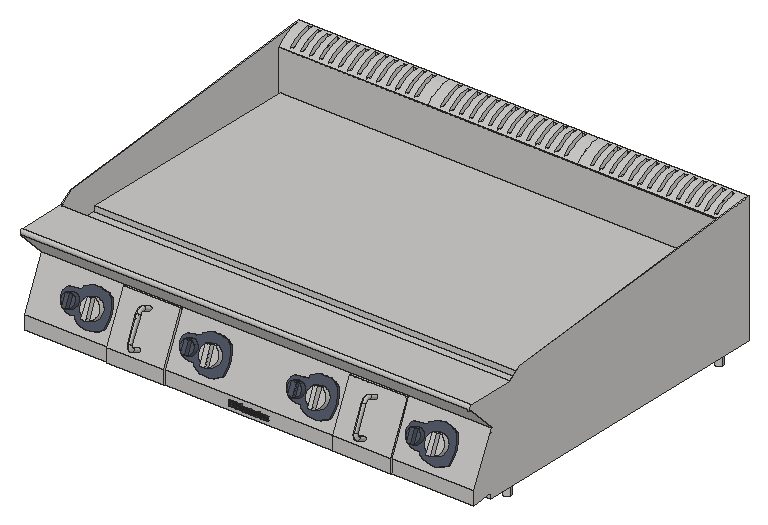
Revit family "QF_ELECTROLUXPROFESSIONAL_391593_E9IIMTAOMII", category Attrezzature speciali, Revit 2018
Family settings
  Quota connettore circolare = Usa diametro
  Tipo di parte = Normale
  Basato su piano di lavoro = No
  Sempre verticale = Sì
  Taglio con vuoti quando caricato = No
  Condiviso = No
  Punto di calcolo locali = No
Parameters (values of type "Standard")
  Weight = 150.00 kg
  Watts = 0 W
  Volts = 0 V
  URL Manufacturer = "https://www.electroluxprofessional.com/"
  URL = "https://www.electroluxprofessional.com/"
  Steam Supply Size = 0"
  Steam Supply Minimum Pressure = 0.00 psi
  Steam Supply Maximum Pressure = 0.00 psi
  Steam Consumption per Hour = 0
  Show Logo [instance] = yes
  Show Clearance [instance] = yes
  Refrigeration Suction Line Size = 0 mm
  Refrigeration Liquid Line Size = 0 mm
  Refrigerant Compressor Remote = yes
  Phase = 0
  Modello = "E9IIMTAOMII"
  Produttore = "Electrolux Professional"
  Length Actual = 1200 mm  # constant formula
  Item Number = "391593"
  Hot Water Size = 0"
  Height Actual = 250 mm  # constant formula
  HP = "0 HP"
  Gas Size = 1/2"
  Gas KW = 33
  Gas Input Pressure = 1.10632 Btu/h
  Direct Waste Size = 0"
  Descrizione = "GAS FRY TOP HP SMOOTH+RIBBED PLATE 1200MM - SCRATCH RESISTANT NITROCHROME3 - QMARK"
  Depth Actual = 930 mm  # constant formula
  Cycle = 0 Hz
  Condensate Return Size = 0"
  Compressed Air Volume = 0 GPM
  Compressed Air Size = 0"
  Compressed Air Pressure = 0.00 psi
  Cold Water Size = 0"
  Accessory = yes
Values of the unnamed type that differ from the named types
  Weight = 0.00 kg
  URL Manufacturer = ""
  Item Number = ""
  HP = ""
  Gas KW = 0
  Gas Input Pressure = 0.0 Btu/h
Reference planes
  plane 1 "BACK": y = 0
  plane 2: z = 0
  plane 3 "LEFT": x = 0
  plane 4 "RIGHT": x = 1200
  plane 5 "FRONT": y = -930
  plane 6 "TOP": z = 369
  plane 7 "Center Y": x = 600
  plane 8 "Center X": y = -465
  plane 9: z = 24
  plane 10: x = 1189
  plane 11: x = 11
  plane 12: z = 275
  plane 13: y = -82
  plane 14: y = -790
  plane 15: x = 8
  plane 16: x = 1192
  plane 17: y = -1106
Forms (mm)
  Extrusion 1, solid, material "QF_Finishes_Stainless Steel"
    sketch origin (0, 0, 0) x (0, 1, 0) y (0, 0, 1)
      loop
        line (-795, 275) -> (-922.639, 275)
        arc (-922.639, 275) -> (-929.44, 270.456) -> (-927.844, 262.434) r 7.361
        line (-927.844, 262.434) -> (-857.044, 191.634) -> (-915, 65.714) -> (-915, 30.922) -> (-860.028, 36.7) -> (-860.028, 24) -> (0, 24) -> (0, 215) -> (-795, 215) -> (-795, 275)
    from 0 to 1200
  Extrusion 2, solid, material "QF_Finishes_Stainless Steel"
    sketch origin (0, 0, 0) x (1, 0, 0) y (0, 1, 0)
      loop
        circle (11, -82) r 9.525
      loop
        circle (11, -790) r 9.525
      loop
        circle (1189, -82) r 9.525
      loop
        circle (1189, -790) r 9.525
    from 0 to 24
  Extrusion 3, solid, material "QF_Finishes_Navy Blue", visible <- "Show Logo"
    sketch origin (201.023, -915, 33.59) x (0, 0, 1) y (-1, 0, 0)
      loop
        line (20.486, -355.047) -> (8.12, -355.047)
        arc (8.12, -355.047) -> (14.303, -359.618) -> (20.486, -355.047) r 6.467
      loop
        arc (20.486, -354.418) -> (19.317, -349.275) -> (14.662, -346.797) r 6.338
        line (14.662, -346.797) -> (14.662, -348.843)
        arc (14.662, -348.843) -> (16.145, -352.498) -> (19.591, -354.418) r 5.941
        line (19.591, -354.418) -> (20.486, -354.418)
      loop
        arc (9.015, -354.418) -> (12.461, -352.498) -> (13.945, -348.843) r 5.941
        line (13.945, -348.843) -> (13.945, -346.797)
        arc (13.945, -346.797) -> (9.25, -349.271) -> (7.961, -354.418) r 6.504
        line (7.961, -354.418) -> (9.015, -354.418)
      loop
        line (21.161, -346.328) -> (7.417, -346.328) -> (7.417, -360.091) -> (21.161, -360.091) -> (21.161, -346.328)
      loop
        arc (21.245, -363.058) -> (20.897, -362.701) -> (20.53, -363.039) r 0.358
        arc (20.53, -363.039) -> (20.216, -363.789) -> (19.499, -364.174) r 1.216
        line (19.499, -364.174) -> (9.087, -364.174)
        arc (9.087, -364.174) -> (8.427, -363.896) -> (8.031, -363.3) r 1.238
        arc (8.031, -363.3) -> (7.636, -363.049) -> (7.33, -363.403) r 0.358
        line (7.33, -363.403) -> (7.33, -373.282) -> (10.081, -373.282) -> (10.081, -372.385)
        arc (10.081, -372.385) -> (9.172, -371.805) -> (8.717, -370.828) r 1.928
        line (8.717, -370.828) -> (8.717, -368.329)
        arc (8.717, -368.329) -> (8.992, -367.6) -> (9.681, -367.236) r 1.101
        line (9.681, -367.236) -> (13.767, -367.236) -> (13.767, -370.909)
        arc (13.767, -370.909) -> (13.415, -371.407) -> (12.849, -371.634) r 1.083
        arc (12.849, -371.634) -> (12.586, -371.94) -> (12.878, -372.218) r 0.292
        line (12.878, -372.218) -> (15.84, -372.218)
        arc (15.84, -372.218) -> (16.143, -371.945) -> (15.904, -371.615) r 0.305
        arc (15.904, -371.615) -> (15.414, -371.367) -> (15.109, -370.909) r 1.083
        line (15.109, -370.909) -> (15.109, -367.236) -> (19.786, -367.236) -> (19.786, -370.983)
        arc (19.786, -370.983) -> (19.572, -371.739) -> (18.965, -372.237) r 1.314
        arc (18.965, -372.237) -> (18.746, -372.641) -> (19.101, -372.933) r 0.361
        line (19.101, -372.933) -> (21.245, -372.933) -> (21.245, -363.058)
      loop
        arc (20.528, -373.714) -> (20.147, -374.633) -> (19.229, -375.013) r 1.299
        line (19.229, -375.013) -> (9.65, -375.013)
        arc (9.65, -375.013) -> (8.812, -374.635) -> (8.54, -373.757) r 1.118
        line (8.54, -373.757) -> (7.33, -373.757) -> (7.33, -379.107) -> (8.519, -379.107)
        arc (8.519, -379.107) -> (8.79, -378.19) -> (9.66, -377.794) r 1.153
        line (9.66, -377.794) -> (21.733, -377.794) -> (20.528, -373.714)
      loop
        line (12.295, -381.743) -> (12.295, -388.191) -> (13.094, -388.191)
        arc (13.094, -388.191) -> (15.675, -387.206) -> (16.943, -384.752) r 3.874
        line (16.943, -384.752) -> (16.943, -382.992)
        arc (16.943, -382.992) -> (15.757, -380.127) -> (12.892, -378.941) r 4.051
        line (12.892, -378.941) -> (10.884, -378.941)
        arc (10.884, -378.941) -> (8.066, -380.426) -> (7.014, -383.433) r 4.352
        arc (7.014, -383.433) -> (7.378, -385.896) -> (8.756, -387.97) r 5.713
        line (8.756, -387.97) -> (9.705, -387.97)
        arc (9.705, -387.97) -> (8.972, -386.401) -> (8.756, -384.683) r 5.579
        arc (8.756, -384.683) -> (9.55, -382.72) -> (11.429, -381.743) r 3.057
        line (11.429, -381.743) -> (12.295, -381.743)
      loop
        line (13.554, -381.743) -> (13.554, -385.325)
        arc (13.554, -385.325) -> (15.011, -385.372) -> (15.894, -384.213) r 1.59
        line (15.894, -384.213) -> (15.894, -383.383)
        arc (15.894, -383.383) -> (15.03, -382.128) -> (13.554, -381.743) r 2.184
      loop
        arc (16.345, -397.608) -> (16.834, -395.934) -> (16.992, -394.197) r 9.023
        line (16.992, -394.197) -> (16.992, -392.835)
        arc (16.992, -392.835) -> (15.832, -390.035) -> (13.033, -388.876) r 3.959
        line (13.033, -388.876) -> (10.432, -388.876)
        arc (10.432, -388.876) -> (8.151, -390.168) -> (7.033, -392.541) r 4.331
        line (7.033, -392.541) -> (7.033, -394.676)
        arc (7.033, -394.676) -> (7.542, -396.226) -> (8.463, -397.572) r 5.772
        arc (8.463, -397.572) -> (9.225, -397.623) -> (9.311, -396.864) r 0.553
        arc (9.311, -396.864) -> (8.924, -396.13) -> (8.79, -395.311) r 2.573
        line (8.79, -395.311) -> (8.79, -393.796)
        arc (8.79, -393.796) -> (9.796, -392.154) -> (11.61, -391.512) r 2.884
        line (11.61, -391.512) -> (12.889, -391.512)
        arc (12.889, -391.512) -> (14.71, -392.072) -> (15.637, -393.737) r 2.554
        line (15.637, -393.737) -> (15.637, -394.79)
        arc (15.637, -394.79) -> (15.305, -395.718) -> (14.648, -396.453) r 2.564
        arc (14.648, -396.453) -> (14.427, -397.17) -> (15.036, -397.608) r 0.643
        line (15.036, -397.608) -> (16.345, -397.608)
      loop
        line (15.327, -397.878) -> (15.327, -399.379) -> (9.279, -399.379)
        arc (9.279, -399.379) -> (7.691, -400.037) -> (7.033, -401.625) r 2.246
        line (7.033, -401.625) -> (7.033, -403.209)
        arc (7.033, -403.209) -> (7.347, -404.073) -> (7.848, -404.845) r 4.06
        arc (7.848, -404.845) -> (8.58, -404.978) -> (8.832, -404.277) r 0.576
        arc (8.832, -404.277) -> (8.726, -403.751) -> (8.79, -403.219) r 1.69
        arc (8.79, -403.219) -> (9.331, -402.431) -> (10.238, -402.128) r 1.506
        line (10.238, -402.128) -> (15.376, -402.128) -> (15.376, -404.525) -> (15.932, -405.081) -> (16.754, -405.081) -> (16.754, -402.222) -> (19.985, -402.222) -> (15.327, -397.878)
      loop
        line (7.251, -405.979) -> (7.251, -411.366) -> (8.361, -411.366)
        arc (8.361, -411.366) -> (8.755, -410.415) -> (9.706, -410.021) r 1.345
        line (9.706, -410.021) -> (13.322, -410.021)
        arc (13.322, -410.021) -> (14.087, -410.613) -> (14.376, -411.535) r 1.615
        line (14.376, -411.535) -> (14.376, -413.091) -> (16.932, -413.776) -> (16.932, -412.393) -> (14.989, -409.834) -> (16.87, -409.834) -> (16.585, -407.128)
        arc (16.585, -407.128) -> (16.146, -406.598) -> (15.487, -406.799) r 0.621
        arc (15.487, -406.799) -> (15.086, -407.141) -> (14.592, -407.324) r 1.501
        line (14.592, -407.324) -> (9.706, -407.324)
        arc (9.706, -407.324) -> (8.755, -406.93) -> (8.361, -405.979) r 1.345
        line (8.361, -405.979) -> (7.251, -405.979)
      loop
        line (13.353, -413.313) -> (10.66, -413.313)
        arc (10.66, -413.313) -> (8.215, -414.621) -> (7.081, -417.151) r 4.288
        arc (7.081, -417.151) -> (7.018, -418.532) -> (7.081, -419.912) r 15.022
        arc (7.081, -419.912) -> (8.215, -422.443) -> (10.66, -423.75) r 4.288
        line (10.66, -423.75) -> (13.353, -423.75)
        arc (13.353, -423.75) -> (15.798, -422.443) -> (16.932, -419.912) r 4.288
        arc (16.932, -419.912) -> (16.996, -418.532) -> (16.932, -417.151) r 15.022
        arc (16.932, -417.151) -> (15.798, -414.621) -> (13.353, -413.313) r 4.288
      loop
        line (13.557, -416.427) -> (10.456, -416.427)
        arc (10.456, -416.427) -> (8.299, -418.584) -> (10.456, -420.741) r 2.157
        line (10.456, -420.741) -> (13.557, -420.741)
        arc (13.557, -420.741) -> (15.714, -418.584) -> (13.557, -416.427) r 2.157
      loop
        arc (20.538, -423.608) -> (20.168, -424.502) -> (19.274, -424.873) r 1.264
        line (19.274, -424.873) -> (9.409, -424.873)
        arc (9.409, -424.873) -> (8.539, -424.476) -> (8.268, -423.56) r 1.153
        line (8.268, -423.56) -> (7.33, -423.56) -> (7.33, -428.668) -> (8.259, -428.668)
        arc (8.259, -428.668) -> (8.618, -427.896) -> (9.409, -427.581) r 1.153
        line (9.409, -427.581) -> (21.733, -427.581) -> (20.538, -423.608)
      loop
        arc (15.658, -428.206) -> (15.459, -429.27) -> (14.49, -429.752) r 1.215
        line (14.49, -429.752) -> (9.47, -429.752)
        arc (9.47, -429.752) -> (7.856, -430.399) -> (7.135, -431.982) r 2.338
        line (7.135, -431.982) -> (7.135, -433.497)
        arc (7.135, -433.497) -> (7.309, -434.501) -> (7.812, -435.387) r 2.979
        line (7.812, -435.387) -> (7.33, -437.184) -> (7.33, -438.872) -> (16.756, -438.872) -> (16.462, -434.669) -> (15.675, -434.669)
        arc (15.675, -434.669) -> (15.32, -435.505) -> (14.567, -436.014) r 1.605
        line (14.567, -436.014) -> (9.465, -436.014)
        arc (9.465, -436.014) -> (9.044, -435.077) -> (8.972, -434.053) r 2.94
        arc (8.972, -434.053) -> (9.532, -432.952) -> (10.686, -432.509) r 1.724
        line (10.686, -432.509) -> (16.882, -432.509) -> (15.658, -428.206)
      loop
        line (16.687, -439.726) -> (15.014, -441.772) -> (11.841, -444.078) -> (8.384, -440.966)
        arc (8.384, -440.966) -> (8.147, -440.572) -> (8.169, -440.113) r 0.789
        line (8.169, -440.113) -> (7.33, -440.113) -> (7.33, -443.658) -> (8.157, -443.658)
        arc (8.157, -443.658) -> (8.499, -443.296) -> (8.989, -443.388) r 0.52
        line (8.989, -443.388) -> (10.789, -444.859) -> (8.67, -446.235)
        arc (8.67, -446.235) -> (8.269, -445.925) -> (8.183, -445.425) r 0.7
        line (8.183, -445.425) -> (7.33, -445.425) -> (7.33, -451.352) -> (8.217, -451.352)
        arc (8.217, -451.352) -> (8.284, -450.693) -> (8.679, -450.162) r 1.247
        line (8.679, -450.162) -> (12.878, -446.881) -> (15.326, -448.934) -> (16.687, -450.676) -> (16.687, -446.952) -> (15.202, -447.375) -> (13.68, -446.098) -> (15.38, -444.908) -> (16.687, -445.684) -> (16.687, -439.726)
    from 0 to 1.644
  Extrusion 4, solid, material "QF_Finishes_Stainless Steel"
    sketch origin (0, 0, 0) x (0, 1, 0) y (0, 0, 1)
      loop
        line (0, 215) -> (0, 369) -> (-761.596, 296.916) -> (-795, 275) -> (-795, 215) -> (0, 215)
    from 0 to 1.6
  Extrusion 5, solid, material "QF_Finishes_Stainless Steel"
    sketch origin (1200, 0, 0) x (0, -1, 0) y (0, 0, 1)
      loop
        line (0, 215) -> (795, 215) -> (795, 275) -> (761.596, 296.916) -> (0, 369) -> (0, 215)
    from 0 to 1.6
  Extrusion 6, solid, material "QF_Finishes_Stainless Steel"
    sketch origin (0, 0, 37.263) x (0, 1, 0) y (0, 0, 1)
      loop
        line (0, 300.038) -> (0, 331.738)
        arc (0, 331.738) -> (-37.941, 322.534) -> (-69.85, 300.038) r 104.419
        line (-69.85, 300.038) -> (0, 300.038)
    from 0 to 400.05
  Extrusion 7, void
    sketch origin (0, 0, 311.9) x (0, -1, 0) y (1, 0, 0)
      loop
        line (6.761, 29.703) -> (63.911, 29.703) -> (63.911, 38.999) -> (6.761, 38.999) -> (6.761, 29.703)
      loop
        line (63.911, 64.487) -> (6.761, 64.487) -> (6.761, 55.191) -> (63.911, 55.191) -> (63.911, 64.487)
      loop
        line (63.911, 89.975) -> (6.761, 89.975) -> (6.761, 80.68) -> (63.911, 80.68) -> (63.911, 89.975)
      loop
        line (63.911, 115.464) -> (6.761, 115.464) -> (6.761, 106.168) -> (63.911, 106.168) -> (63.911, 115.464)
      loop
        line (63.911, 140.952) -> (6.761, 140.952) -> (6.761, 131.656) -> (63.911, 131.656) -> (63.911, 140.952)
      loop
        line (63.911, 166.44) -> (6.761, 166.44) -> (6.761, 157.145) -> (63.911, 157.145) -> (63.911, 166.44)
      loop
        line (63.911, 191.929) -> (6.761, 191.929) -> (6.761, 182.633) -> (63.911, 182.633) -> (63.911, 191.929)
      loop
        line (63.911, 217.417) -> (6.761, 217.417) -> (6.761, 208.121) -> (63.911, 208.121) -> (63.911, 217.417)
      loop
        line (63.911, 242.905) -> (6.761, 242.905) -> (6.761, 233.61) -> (63.911, 233.61) -> (63.911, 242.905)
      loop
        line (63.911, 268.394) -> (6.761, 268.394) -> (6.761, 259.098) -> (63.911, 259.098) -> (63.911, 268.394)
      loop
        line (63.911, 293.882) -> (6.761, 293.882) -> (6.761, 284.586) -> (63.911, 284.586) -> (63.911, 293.882)
      loop
        line (63.911, 319.37) -> (6.761, 319.37) -> (6.761, 310.075) -> (63.911, 310.075) -> (63.911, 319.37)
      loop
        line (63.911, 344.859) -> (6.761, 344.859) -> (6.761, 335.563) -> (63.911, 335.563) -> (63.911, 344.859)
      loop
        line (63.911, 370.347) -> (6.761, 370.347) -> (6.761, 361.051) -> (63.911, 361.051) -> (63.911, 370.347)
    from 27.825 to 63.5
  Extrusion 8, solid, material "QF_Finishes_Stainless Steel"
    sketch origin (400.05, 0, 37.263) x (0, 1, 0) y (0, 0, 1)
      loop
        line (0, 300.038) -> (0, 331.738)
        arc (0, 331.738) -> (-37.941, 322.534) -> (-69.85, 300.038) r 104.419
        line (-69.85, 300.038) -> (0, 300.038)
    from 0 to 400.05
  Extrusion 9, void
    sketch origin (400.05, 0, 311.9) x (0, -1, 0) y (1, 0, 0)
      loop
        line (6.761, 29.703) -> (63.911, 29.703) -> (63.911, 38.999) -> (6.761, 38.999) -> (6.761, 29.703)
      loop
        line (63.911, 64.487) -> (6.761, 64.487) -> (6.761, 55.191) -> (63.911, 55.191) -> (63.911, 64.487)
      loop
        line (63.911, 89.975) -> (6.761, 89.975) -> (6.761, 80.68) -> (63.911, 80.68) -> (63.911, 89.975)
      loop
        line (63.911, 115.464) -> (6.761, 115.464) -> (6.761, 106.168) -> (63.911, 106.168) -> (63.911, 115.464)
      loop
        line (63.911, 140.952) -> (6.761, 140.952) -> (6.761, 131.656) -> (63.911, 131.656) -> (63.911, 140.952)
      loop
        line (63.911, 166.44) -> (6.761, 166.44) -> (6.761, 157.145) -> (63.911, 157.145) -> (63.911, 166.44)
      loop
        line (63.911, 191.929) -> (6.761, 191.929) -> (6.761, 182.633) -> (63.911, 182.633) -> (63.911, 191.929)
      loop
        line (63.911, 217.417) -> (6.761, 217.417) -> (6.761, 208.121) -> (63.911, 208.121) -> (63.911, 217.417)
      loop
        line (63.911, 242.905) -> (6.761, 242.905) -> (6.761, 233.61) -> (63.911, 233.61) -> (63.911, 242.905)
      loop
        line (63.911, 268.394) -> (6.761, 268.394) -> (6.761, 259.098) -> (63.911, 259.098) -> (63.911, 268.394)
      loop
        line (63.911, 293.882) -> (6.761, 293.882) -> (6.761, 284.586) -> (63.911, 284.586) -> (63.911, 293.882)
      loop
        line (63.911, 319.37) -> (6.761, 319.37) -> (6.761, 310.075) -> (63.911, 310.075) -> (63.911, 319.37)
      loop
        line (63.911, 344.859) -> (6.761, 344.859) -> (6.761, 335.563) -> (63.911, 335.563) -> (63.911, 344.859)
      loop
        line (63.911, 370.347) -> (6.761, 370.347) -> (6.761, 361.051) -> (63.911, 361.051) -> (63.911, 370.347)
    from 27.825 to 63.5
  Extrusion 10, solid, material "QF_Finishes_Stainless Steel"
    sketch origin (800.1, 0, 37.263) x (0, 1, 0) y (0, 0, 1)
      loop
        line (0, 300.038) -> (0, 331.738)
        arc (0, 331.738) -> (-37.941, 322.534) -> (-69.85, 300.038) r 104.419
        line (-69.85, 300.038) -> (0, 300.038)
    from 0 to 399.9
  Extrusion 11, void
    sketch origin (800.1, 0, 311.9) x (0, -1, 0) y (1, 0, 0)
      loop
        line (6.761, 29.703) -> (63.911, 29.703) -> (63.911, 38.999) -> (6.761, 38.999) -> (6.761, 29.703)
      loop
        line (63.911, 64.487) -> (6.761, 64.487) -> (6.761, 55.191) -> (63.911, 55.191) -> (63.911, 64.487)
      loop
        line (63.911, 89.975) -> (6.761, 89.975) -> (6.761, 80.68) -> (63.911, 80.68) -> (63.911, 89.975)
      loop
        line (63.911, 115.464) -> (6.761, 115.464) -> (6.761, 106.168) -> (63.911, 106.168) -> (63.911, 115.464)
      loop
        line (63.911, 140.952) -> (6.761, 140.952) -> (6.761, 131.656) -> (63.911, 131.656) -> (63.911, 140.952)
      loop
        line (63.911, 166.44) -> (6.761, 166.44) -> (6.761, 157.145) -> (63.911, 157.145) -> (63.911, 166.44)
      loop
        line (63.911, 191.929) -> (6.761, 191.929) -> (6.761, 182.633) -> (63.911, 182.633) -> (63.911, 191.929)
      loop
        line (63.911, 217.417) -> (6.761, 217.417) -> (6.761, 208.121) -> (63.911, 208.121) -> (63.911, 217.417)
      loop
        line (63.911, 242.905) -> (6.761, 242.905) -> (6.761, 233.61) -> (63.911, 233.61) -> (63.911, 242.905)
      loop
        line (63.911, 268.394) -> (6.761, 268.394) -> (6.761, 259.098) -> (63.911, 259.098) -> (63.911, 268.394)
      loop
        line (63.911, 293.882) -> (6.761, 293.882) -> (6.761, 284.586) -> (63.911, 284.586) -> (63.911, 293.882)
      loop
        line (63.911, 319.37) -> (6.761, 319.37) -> (6.761, 310.075) -> (63.911, 310.075) -> (63.911, 319.37)
      loop
        line (63.911, 344.859) -> (6.761, 344.859) -> (6.761, 335.563) -> (63.911, 335.563) -> (63.911, 344.859)
      loop
        line (63.911, 370.347) -> (6.761, 370.347) -> (6.761, 361.051) -> (63.911, 361.051) -> (63.911, 370.347)
    from 27.825 to 63.5
  Extrusion 12, solid, material "QF_Finishes_Stainless Steel"
    sketch origin (0, 0, 0) x (0, 1, 0) y (0, 0, 1)
      loop
        line (-71.515, 230) -> (-689.956, 230) -> (-689.956, 215) -> (-71.515, 215) -> (-71.515, 230)
    from 8 to 1192
  Extrusion 13, solid, material "QF_Finishes_Stainless Steel"
    sketch origin (0, -795, 215) x (0, 1, 0) y (-1, 0, 0)
      loop
        line (795, -1.6) -> (723.485, -1.6) -> (723.485, -1198.4) -> (795, -1198.4) -> (795, -1.6)
    from 0 to 122.3
  Extrusion 14, solid, material "QF_Finishes_Stainless Steel"
    sketch origin (221.15, -201.228, -3.289) x (0, 1, 0) y (0, 0, 1)
      loop
        line (-657.416, 191.447) -> (-660.323, 192.784) -> (-716.972, 69.704) -> (-716.972, 34.211) -> (-713.772, 34.211) -> (-713.772, 69.003) -> (-657.416, 191.447)
    from 0 to 153.85
  Extrusion 15, solid, material "QF_Door-Drawer Clearances", visible <- "Show Clearance", detail levels coarse
    sketch origin (221.15, -201.228, -3.289) x (0, 1, 0) y (0, 0, 1)
      loop
        line (-660.323, 192.784) -> (-823.717, 192.784) -> (-880.366, 69.704) -> (-880.366, 34.211) -> (-716.972, 34.211) -> (-716.972, 69.704) -> (-660.323, 192.784)
    from 0 to 153.85
  Extrusion 16, solid, material "QF_Finishes_Stainless Steel"
    sketch origin (978.85, -201.228, -3.289) x (0, 1, 0) y (0, 0, -1)
      loop
        line (-657.416, -191.447) -> (-713.772, -69.003) -> (-713.772, -34.211) -> (-716.972, -34.211) -> (-716.972, -69.704) -> (-660.323, -192.784) -> (-657.416, -191.447)
    from 0 to 153.85
  Extrusion 17, solid, material "QF_Door-Drawer Clearances", visible <- "Show Clearance", detail levels coarse
    sketch origin (978.85, -201.228, -3.289) x (0, 1, 0) y (0, 0, -1)
      loop
        line (-660.323, -192.784) -> (-716.972, -69.704) -> (-716.972, -34.211) -> (-880.366, -34.211) -> (-880.366, -69.704) -> (-823.717, -192.784) -> (-660.323, -192.784)
    from 0 to 153.85
  Extrusion 18, solid, material "QF_Finishes_Navy Blue"
    sketch origin (-58.715, -915.512, 64.603) x (0, 0.418102, 0.9084) y (-1, 0, 0)
      loop
        arc (104.355, -502.587) -> (101.326, -501.258) -> (98.25, -500.039) r 91.066
        arc (98.25, -500.039) -> (96.592, -482.449) -> (93.213, -465.107) r 179.528
        arc (93.213, -465.107) -> (69.244, -452.795) -> (45.274, -465.107) r 29.489
        arc (45.274, -465.107) -> (38.909, -481.441) -> (37.449, -498.912) r 61.044
        arc (37.449, -498.912) -> (34.471, -499.962) -> (31.532, -501.116) r 91.066
        arc (31.532, -501.116) -> (19.517, -540.223) -> (32.929, -578.873) r 65.817
        arc (32.929, -578.873) -> (68.105, -585.173) -> (102.996, -577.452) r 91.066
        arc (102.996, -577.452) -> (115.418, -540.233) -> (104.355, -502.587) r 65.546
    from 0 to 3.175
  Extrusion 19, solid, material "QF_Finishes_Stainless Steel"
    sketch origin (320.035, -919.225, 64.128) x (0, 0.418102, 0.9084) y (-1, 0, 0)
      loop
        circle (68.826, -160.963) r 25.4
    from 0 to 12.7
  Extrusion 20, solid, material "QF_Finishes_Stainless Steel"
    sketch origin (320.035, -930.762, 69.438) x (0, 0.418102, 0.9084) y (-1, 0, 0)
      loop
        arc (93.558, -166.749) -> (94.226, -160.963) -> (93.558, -155.177) r 25.4
        line (93.558, -155.177) -> (44.094, -155.177)
        arc (44.094, -155.177) -> (43.426, -160.963) -> (44.094, -166.749) r 25.4
        line (44.094, -166.749) -> (93.558, -166.749)
    from 0 to 12.7
  Extrusion 21, solid, material "QF_Finishes_Navy Blue"
    sketch origin (262.535, -919.225, 64.128) x (0, 0.418102, 0.9084) y (-1, 0, 0)
      loop
        circle (68.826, -160.963) r 18.37
    from 0 to 12.7
  Extrusion 22, solid, material "QF_Finishes_Navy Blue"
    sketch origin (261.244, -930.762, 69.438) x (0, 0.418102, 0.9084) y (-1, 0, 0)
      loop
        arc (84.808, -167.687) -> (85.476, -161.901) -> (84.808, -156.114) r 25.4
        line (84.808, -156.114) -> (52.844, -156.114)
        arc (52.844, -156.114) -> (52.176, -161.901) -> (52.844, -167.687) r 25.4
        line (52.844, -167.687) -> (84.808, -167.687)
    from 0 to 8.112
  Extrusion 23, solid, material "QF_Finishes_Navy Blue"
    sketch origin (-376.215, -915.512, 64.603) x (0, 0.418102, 0.9084) y (-1, 0, 0)
      loop
        arc (104.355, -502.587) -> (101.326, -501.258) -> (98.25, -500.039) r 91.066
        arc (98.25, -500.039) -> (96.592, -482.449) -> (93.213, -465.107) r 179.528
        arc (93.213, -465.107) -> (69.244, -452.795) -> (45.274, -465.107) r 29.489
        arc (45.274, -465.107) -> (38.909, -481.441) -> (37.449, -498.912) r 61.044
        arc (37.449, -498.912) -> (34.471, -499.962) -> (31.532, -501.116) r 91.066
        arc (31.532, -501.116) -> (19.517, -540.223) -> (32.929, -578.873) r 65.817
        arc (32.929, -578.873) -> (68.105, -585.173) -> (102.996, -577.452) r 91.066
        arc (102.996, -577.452) -> (115.418, -540.233) -> (104.355, -502.587) r 65.546
    from 0 to 3.175
  Extrusion 24, solid, material "QF_Finishes_Stainless Steel"
    sketch origin (2.535, -919.225, 64.128) x (0, 0.418102, 0.9084) y (-1, 0, 0)
      loop
        circle (68.826, -160.963) r 25.4
    from 0 to 12.7
  Extrusion 25, solid, material "QF_Finishes_Stainless Steel"
    sketch origin (2.535, -930.762, 69.438) x (0, 0.418102, 0.9084) y (-1, 0, 0)
      loop
        arc (93.558, -166.749) -> (94.226, -160.963) -> (93.558, -155.177) r 25.4
        line (93.558, -155.177) -> (44.094, -155.177)
        arc (44.094, -155.177) -> (43.426, -160.963) -> (44.094, -166.749) r 25.4
        line (44.094, -166.749) -> (93.558, -166.749)
    from 0 to 12.7
  Extrusion 26, solid, material "QF_Finishes_Navy Blue"
    sketch origin (-54.965, -919.225, 64.128) x (0, 0.418102, 0.9084) y (-1, 0, 0)
      loop
        circle (68.826, -160.963) r 18.37
    from 0 to 12.7
  Extrusion 27, solid, material "QF_Finishes_Navy Blue"
    sketch origin (-56.256, -930.762, 69.438) x (0, 0.418102, 0.9084) y (-1, 0, 0)
      loop
        arc (84.808, -167.687) -> (85.476, -161.901) -> (84.808, -156.114) r 25.4
        line (84.808, -156.114) -> (52.844, -156.114)
        arc (52.844, -156.114) -> (52.176, -161.901) -> (52.844, -167.687) r 25.4
        line (52.844, -167.687) -> (84.808, -167.687)
    from 0 to 8.112
  Extrusion 28, solid, material "QF_Finishes_Navy Blue"
    sketch origin (545.135, -915.512, 64.603) x (0, 0.418102, 0.9084) y (-1, 0, 0)
      loop
        arc (104.355, -502.587) -> (101.326, -501.258) -> (98.25, -500.039) r 91.066
        arc (98.25, -500.039) -> (96.592, -482.449) -> (93.213, -465.107) r 179.528
        arc (93.213, -465.107) -> (69.244, -452.795) -> (45.274, -465.107) r 29.489
        arc (45.274, -465.107) -> (38.909, -481.441) -> (37.449, -498.912) r 61.044
        arc (37.449, -498.912) -> (34.471, -499.962) -> (31.532, -501.116) r 91.066
        arc (31.532, -501.116) -> (19.517, -540.223) -> (32.929, -578.873) r 65.817
        arc (32.929, -578.873) -> (68.105, -585.173) -> (102.996, -577.452) r 91.066
        arc (102.996, -577.452) -> (115.418, -540.233) -> (104.355, -502.587) r 65.546
    from 0 to 3.175
  Extrusion 29, solid, material "QF_Finishes_Stainless Steel"
    sketch origin (923.885, -919.225, 64.128) x (0, 0.418102, 0.9084) y (-1, 0, 0)
      loop
        circle (68.826, -160.963) r 25.4
    from 0 to 12.7
  Extrusion 30, solid, material "QF_Finishes_Stainless Steel"
    sketch origin (923.885, -930.762, 69.438) x (0, 0.418102, 0.9084) y (-1, 0, 0)
      loop
        arc (93.558, -166.749) -> (94.226, -160.963) -> (93.558, -155.177) r 25.4
        line (93.558, -155.177) -> (44.094, -155.177)
        arc (44.094, -155.177) -> (43.426, -160.963) -> (44.094, -166.749) r 25.4
        line (44.094, -166.749) -> (93.558, -166.749)
    from 0 to 12.7
  Extrusion 31, solid, material "QF_Finishes_Navy Blue"
    sketch origin (866.385, -919.225, 64.128) x (0, 0.418102, 0.9084) y (-1, 0, 0)
      loop
        circle (68.826, -160.963) r 18.37
    from 0 to 12.7
  Extrusion 32, solid, material "QF_Finishes_Navy Blue"
    sketch origin (865.094, -930.762, 69.438) x (0, 0.418102, 0.9084) y (-1, 0, 0)
      loop
        arc (84.808, -167.687) -> (85.476, -161.901) -> (84.808, -156.114) r 25.4
        line (84.808, -156.114) -> (52.844, -156.114)
        arc (52.844, -156.114) -> (52.176, -161.901) -> (52.844, -167.687) r 25.4
        line (52.844, -167.687) -> (84.808, -167.687)
    from 0 to 8.112
  Extrusion 33, solid, material "QF_Finishes_Navy Blue"
    sketch origin (227.635, -915.512, 64.603) x (0, 0.418102, 0.9084) y (-1, 0, 0)
      loop
        arc (104.355, -502.587) -> (101.326, -501.258) -> (98.25, -500.039) r 91.066
        arc (98.25, -500.039) -> (96.592, -482.449) -> (93.213, -465.107) r 179.528
        arc (93.213, -465.107) -> (69.244, -452.795) -> (45.274, -465.107) r 29.489
        arc (45.274, -465.107) -> (38.909, -481.441) -> (37.449, -498.912) r 61.044
        arc (37.449, -498.912) -> (34.471, -499.962) -> (31.532, -501.116) r 91.066
        arc (31.532, -501.116) -> (19.517, -540.223) -> (32.929, -578.873) r 65.817
        arc (32.929, -578.873) -> (68.105, -585.173) -> (102.996, -577.452) r 91.066
        arc (102.996, -577.452) -> (115.418, -540.233) -> (104.355, -502.587) r 65.546
    from 0 to 3.175
  Extrusion 34, solid, material "QF_Finishes_Stainless Steel"
    sketch origin (606.385, -919.225, 64.128) x (0, 0.418102, 0.9084) y (-1, 0, 0)
      loop
        circle (68.826, -160.963) r 25.4
    from 0 to 12.7
  Extrusion 35, solid, material "QF_Finishes_Stainless Steel"
    sketch origin (606.385, -930.762, 69.438) x (0, 0.418102, 0.9084) y (-1, 0, 0)
      loop
        arc (93.558, -166.749) -> (94.226, -160.963) -> (93.558, -155.177) r 25.4
        line (93.558, -155.177) -> (44.094, -155.177)
        arc (44.094, -155.177) -> (43.426, -160.963) -> (44.094, -166.749) r 25.4
        line (44.094, -166.749) -> (93.558, -166.749)
    from 0 to 12.7
  Extrusion 36, solid, material "QF_Finishes_Navy Blue"
    sketch origin (548.885, -919.225, 64.128) x (0, 0.418102, 0.9084) y (-1, 0, 0)
      loop
        circle (68.826, -160.963) r 18.37
    from 0 to 12.7
  Extrusion 37, solid, material "QF_Finishes_Navy Blue"
    sketch origin (547.594, -930.762, 69.438) x (0, 0.418102, 0.9084) y (-1, 0, 0)
      loop
        arc (84.808, -167.687) -> (85.476, -161.901) -> (84.808, -156.114) r 25.4
        line (84.808, -156.114) -> (52.844, -156.114)
        arc (52.844, -156.114) -> (52.176, -161.901) -> (52.844, -167.687) r 25.4
        line (52.844, -167.687) -> (84.808, -167.687)
    from 0 to 8.112
  Extrusion 38, solid, material "QF_Finishes_Stainless Steel"
    sketch origin (0, 0, 311.9) x (0, 0, 1) y (1, 0, 0)
      loop
        circle (-252.55, 1155) r 6.35
    from 0 to 1.6
  Sweep 39, solid, material "QF_Door-Drawer Clearances", visible <- "Show Clearance", detail levels coarse
    path origin (298.65, -364.622, -3.289) x (0, 1, 0) y (0, 0, 1)
      loop
        line (-670.615, 170.424) -> (-691.243, 179.918)
        arc (-691.243, 179.918) -> (-700.956, 180.294) -> (-708.09, 173.692) r 12.7
        line (-708.09, 173.692) -> (-735.638, 113.839)
        arc (-735.638, 113.839) -> (-736.013, 104.126) -> (-729.411, 96.993) r 12.7
        line (-729.411, 96.993) -> (-708.782, 87.498)
    profile origin (298.65, -1045.551, 171.882) x (0, -0.418102, -0.9084) y (1, 0, 0)
      loop
        circle (0, 0) r 4.572
  Sweep 40, solid, material "QF_Door-Drawer Clearances", visible <- "Show Clearance", detail levels coarse
    path origin (901.35, -364.622, -3.289) x (0, 1, 0) y (0, 0, -1)
      loop
        line (-670.615, -170.424) -> (-691.243, -179.918)
        arc (-691.243, -179.918) -> (-700.956, -180.294) -> (-708.09, -173.692) r 12.7
        line (-708.09, -173.692) -> (-735.638, -113.839)
        arc (-735.638, -113.839) -> (-736.013, -104.126) -> (-729.411, -96.993) r 12.7
        line (-729.411, -96.993) -> (-708.782, -87.498)
    profile origin (901.35, -1045.551, 171.882) x (0, 0.418102, 0.9084) y (-1, 0, 0)
      loop
        circle (0, 0) r 4.572
  Extrusion 41, void
    sketch origin (0, 0, 0) x (1, 0, 0) y (0, 1, 0)
      loop
        circle (299.572, -743.936) r 20
      loop
        circle (900.428, -743.936) r 20
    from 174.463 to 215
  Extrusion 42, solid, material "QF_Clearances", visible <- "Show Clearance", detail levels coarse
    sketch origin (0, 0, 0) x (1, 0, 0) y (0, 1, 0)
      loop
        line (1200, -930) -> (1300, -930) -> (1300, 100) -> (-100, 100) -> (-100, -930) -> (0, -930) -> (0, 0) -> (1200, 0) -> (1200, -930)
    from 0 to 369
  Sweep 43, solid, material "QF_Finishes_Stainless Steel"
    path origin (298.65, -201.228, -3.289) x (0, 1, 0) y (0, 0, 1)
      loop
        line (-670.615, 170.424) -> (-691.243, 179.918)
        arc (-691.243, 179.918) -> (-700.956, 180.294) -> (-708.09, 173.692) r 12.7
        line (-708.09, 173.692) -> (-735.638, 113.839)
        arc (-735.638, 113.839) -> (-736.013, 104.126) -> (-729.411, 96.993) r 12.7
        line (-729.411, 96.993) -> (-708.782, 87.498)
    profile origin (298.65, -882.157, 171.882) x (0, -0.418102, -0.9084) y (1, 0, 0)
      loop
        circle (0, 0) r 4.572
  Sweep 44, solid, material "QF_Finishes_Stainless Steel"
    path origin (901.35, -201.228, -3.289) x (0, 1, 0) y (0, 0, -1)
      loop
        line (-670.615, -170.424) -> (-691.243, -179.918)
        arc (-691.243, -179.918) -> (-700.956, -180.294) -> (-708.09, -173.692) r 12.7
        line (-708.09, -173.692) -> (-735.638, -113.839)
        arc (-735.638, -113.839) -> (-736.013, -104.126) -> (-729.411, -96.993) r 12.7
        line (-729.411, -96.993) -> (-708.782, -87.498)
    profile origin (901.35, -882.157, 171.882) x (0, 0.418102, 0.9084) y (-1, 0, 0)
      loop
        circle (0, 0) r 4.572
Cuts and joins
  Extrusion 41 cuts Extrusion 1
  Extrusion 7, Extrusion 9 cuts Extrusion 6
  Extrusion 9, Extrusion 11 cuts Extrusion 8
  Extrusion 11 cuts Extrusion 10
  joined: Extrusion 1, Extrusion 4, Extrusion 5, Extrusion 6, Extrusion 8, Extrusion 10, Extrusion 13
Lines and regions (mm)
  symbolic lines
    curve 1: circle (299.572, -743.936, 0) r 20 normal (0, 0, 1)
    curve 2: circle (900.428, -743.936, 0) r 20 normal (0, 0, -1)
    curve 3: line (1200, -930, 0) -> (0, -930, 0)
    curve 4: line (0, 0, 0) -> (0, -930, 0)
    curve 5: line (1200, -930, 0) -> (1200, 0, 0)
    curve 6: line (1200, 0, 0) -> (0, 0, 0)
    curve 7: line (8, -689.956, 0) -> (1192, -689.956, 0)
    curve 8: line (1198.4, -795, 0) -> (1.6, -795, 0)
    curve 27: line (0, -71.515, 0) -> (1200, -71.515, 0)
    curve 28: line (1170.447, -63.911, 0) -> (1161.151, -63.911, 0)
    curve 29: line (1170.447, -6.761, 0) -> (1170.447, -63.911, 0)
    curve 30: line (1161.151, -6.761, 0) -> (1170.447, -6.761, 0)
    curve 31: line (1161.151, -63.911, 0) -> (1161.151, -6.761, 0)
    curve 32: line (1144.959, -63.911, 0) -> (1135.663, -63.911, 0)
    curve 33: line (1144.959, -6.761, 0) -> (1144.959, -63.911, 0)
    curve 34: line (1135.663, -6.761, 0) -> (1144.959, -6.761, 0)
    curve 35: line (1135.663, -63.911, 0) -> (1135.663, -6.761, 0)
    curve 36: line (1119.47, -63.911, 0) -> (1110.175, -63.911, 0)
    curve 37: line (1119.47, -6.761, 0) -> (1119.47, -63.911, 0)
    curve 38: line (1110.175, -6.761, 0) -> (1119.47, -6.761, 0)
    curve 39: line (1110.175, -63.911, 0) -> (1110.175, -6.761, 0)
    curve 40: line (1093.982, -63.911, 0) -> (1084.686, -63.911, 0)
    curve 41: line (1093.982, -6.761, 0) -> (1093.982, -63.911, 0)
    curve 42: line (1084.686, -6.761, 0) -> (1093.982, -6.761, 0)
    curve 43: line (1084.686, -63.911, 0) -> (1084.686, -6.761, 0)
    curve 44: line (1068.494, -63.911, 0) -> (1059.198, -63.911, 0)
    curve 45: line (1068.494, -6.761, 0) -> (1068.494, -63.911, 0)
    curve 46: line (1059.198, -6.761, 0) -> (1068.494, -6.761, 0)
    curve 47: line (1059.198, -63.911, 0) -> (1059.198, -6.761, 0)
    curve 48: line (1043.005, -63.911, 0) -> (1033.71, -63.911, 0)
    curve 49: line (1043.005, -6.761, 0) -> (1043.005, -63.911, 0)
    curve 50: line (1033.71, -6.761, 0) -> (1043.005, -6.761, 0)
    curve 51: line (1033.71, -63.911, 0) -> (1033.71, -6.761, 0)
    curve 52: line (1017.517, -63.911, 0) -> (1008.221, -63.911, 0)
    curve 53: line (1017.517, -6.761, 0) -> (1017.517, -63.911, 0)
    curve 54: line (1008.221, -6.761, 0) -> (1017.517, -6.761, 0)
    curve 55: line (1008.221, -63.911, 0) -> (1008.221, -6.761, 0)
    curve 56: line (992.029, -63.911, 0) -> (982.733, -63.911, 0)
    curve 57: line (992.029, -6.761, 0) -> (992.029, -63.911, 0)
    curve 58: line (982.733, -6.761, 0) -> (992.029, -6.761, 0)
    curve 59: line (982.733, -63.911, 0) -> (982.733, -6.761, 0)
    curve 60: line (966.54, -63.911, 0) -> (957.245, -63.911, 0)
    curve 61: line (966.54, -6.761, 0) -> (966.54, -63.911, 0)
    curve 62: line (957.245, -6.761, 0) -> (966.54, -6.761, 0)
    curve 63: line (957.245, -63.911, 0) -> (957.245, -6.761, 0)
    curve 64: line (941.052, -63.911, 0) -> (931.756, -63.911, 0)
    curve 65: line (941.052, -6.761, 0) -> (941.052, -63.911, 0)
    curve 66: line (931.756, -6.761, 0) -> (941.052, -6.761, 0)
    curve 67: line (931.756, -63.911, 0) -> (931.756, -6.761, 0)
    curve 68: line (915.564, -63.911, 0) -> (906.268, -63.911, 0)
    curve 69: line (915.564, -6.761, 0) -> (915.564, -63.911, 0)
    curve 70: line (906.268, -6.761, 0) -> (915.564, -6.761, 0)
    curve 71: line (906.268, -63.911, 0) -> (906.268, -6.761, 0)
    curve 72: line (890.075, -63.911, 0) -> (880.78, -63.911, 0)
    curve 73: line (890.075, -6.761, 0) -> (890.075, -63.911, 0)
    curve 74: line (880.78, -6.761, 0) -> (890.075, -6.761, 0)
    curve 75: line (880.78, -63.911, 0) -> (880.78, -6.761, 0)
    curve 76: line (864.587, -63.911, 0) -> (855.291, -63.911, 0)
    curve 77: line (864.587, -6.761, 0) -> (864.587, -63.911, 0)
    curve 78: line (855.291, -6.761, 0) -> (864.587, -6.761, 0)
    curve 79: line (855.291, -63.911, 0) -> (855.291, -6.761, 0)
    curve 80: line (839.099, -63.911, 0) -> (829.803, -63.911, 0)
    curve 81: line (839.099, -6.761, 0) -> (839.099, -63.911, 0)
    curve 82: line (829.803, -6.761, 0) -> (839.099, -6.761, 0)
    curve 83: line (829.803, -63.911, 0) -> (829.803, -6.761, 0)
    curve 84: line (770.397, -63.911, 0) -> (761.101, -63.911, 0)
    curve 85: line (770.397, -6.761, 0) -> (770.397, -63.911, 0)
    curve 86: line (761.101, -6.761, 0) -> (770.397, -6.761, 0)
    curve 87: line (761.101, -63.911, 0) -> (761.101, -6.761, 0)
    curve 88: line (744.909, -63.911, 0) -> (735.613, -63.911, 0)
    curve 89: line (744.909, -6.761, 0) -> (744.909, -63.911, 0)
    curve 90: line (735.613, -6.761, 0) -> (744.909, -6.761, 0)
    curve 91: line (735.613, -63.911, 0) -> (735.613, -6.761, 0)
    curve 92: line (719.42, -63.911, 0) -> (710.125, -63.911, 0)
    curve 93: line (719.42, -6.761, 0) -> (719.42, -63.911, 0)
    curve 94: line (710.125, -6.761, 0) -> (719.42, -6.761, 0)
    curve 95: line (710.125, -63.911, 0) -> (710.125, -6.761, 0)
    curve 96: line (693.932, -63.911, 0) -> (684.636, -63.911, 0)
    curve 97: line (693.932, -6.761, 0) -> (693.932, -63.911, 0)
    curve 98: line (684.636, -6.761, 0) -> (693.932, -6.761, 0)
    curve 99: line (684.636, -63.911, 0) -> (684.636, -6.761, 0)
    curve 100: line (668.444, -63.911, 0) -> (659.148, -63.911, 0)
    curve 101: line (668.444, -6.761, 0) -> (668.444, -63.911, 0)
    curve 102: line (659.148, -6.761, 0) -> (668.444, -6.761, 0)
    curve 103: line (659.148, -63.911, 0) -> (659.148, -6.761, 0)
    curve 104: line (642.955, -63.911, 0) -> (633.66, -63.911, 0)
    curve 105: line (642.955, -6.761, 0) -> (642.955, -63.911, 0)
    curve 106: line (633.66, -6.761, 0) -> (642.955, -6.761, 0)
    curve 107: line (633.66, -63.911, 0) -> (633.66, -6.761, 0)
    curve 108: line (617.467, -63.911, 0) -> (608.171, -63.911, 0)
    curve 109: line (617.467, -6.761, 0) -> (617.467, -63.911, 0)
    curve 110: line (608.171, -6.761, 0) -> (617.467, -6.761, 0)
    curve 111: line (608.171, -63.911, 0) -> (608.171, -6.761, 0)
    curve 112: line (591.979, -63.911, 0) -> (582.683, -63.911, 0)
    curve 113: line (591.979, -6.761, 0) -> (591.979, -63.911, 0)
    curve 114: line (582.683, -6.761, 0) -> (591.979, -6.761, 0)
    curve 115: line (582.683, -63.911, 0) -> (582.683, -6.761, 0)
    curve 116: line (566.49, -63.911, 0) -> (557.195, -63.911, 0)
    curve 117: line (566.49, -6.761, 0) -> (566.49, -63.911, 0)
    curve 118: line (557.195, -6.761, 0) -> (566.49, -6.761, 0)
    curve 119: line (557.195, -63.911, 0) -> (557.195, -6.761, 0)
    curve 120: line (541.002, -63.911, 0) -> (531.706, -63.911, 0)
    curve 121: line (541.002, -6.761, 0) -> (541.002, -63.911, 0)
    curve 122: line (531.706, -6.761, 0) -> (541.002, -6.761, 0)
    curve 123: line (531.706, -63.911, 0) -> (531.706, -6.761, 0)
    curve 124: line (515.514, -63.911, 0) -> (506.218, -63.911, 0)
    curve 125: line (515.514, -6.761, 0) -> (515.514, -63.911, 0)
    curve 126: line (506.218, -6.761, 0) -> (515.514, -6.761, 0)
    curve 127: line (506.218, -63.911, 0) -> (506.218, -6.761, 0)
    curve 128: line (490.025, -63.911, 0) -> (480.73, -63.911, 0)
    curve 129: line (490.025, -6.761, 0) -> (490.025, -63.911, 0)
    curve 130: line (480.73, -6.761, 0) -> (490.025, -6.761, 0)
    curve 131: line (480.73, -63.911, 0) -> (480.73, -6.761, 0)
    curve 132: line (464.537, -63.911, 0) -> (455.241, -63.911, 0)
    curve 133: line (464.537, -6.761, 0) -> (464.537, -63.911, 0)
    curve 134: line (455.241, -6.761, 0) -> (464.537, -6.761, 0)
    curve 135: line (455.241, -63.911, 0) -> (455.241, -6.761, 0)
    curve 136: line (439.049, -63.911, 0) -> (429.753, -63.911, 0)
    curve 137: line (439.049, -6.761, 0) -> (439.049, -63.911, 0)
    curve 138: line (429.753, -6.761, 0) -> (439.049, -6.761, 0)
    curve 139: line (429.753, -63.911, 0) -> (429.753, -6.761, 0)
    curve 140: line (370.347, -63.911, 0) -> (361.051, -63.911, 0)
    curve 141: line (370.347, -6.761, 0) -> (370.347, -63.911, 0)
    curve 142: line (361.051, -6.761, 0) -> (370.347, -6.761, 0)
    curve 143: line (361.051, -63.911, 0) -> (361.051, -6.761, 0)
    curve 144: line (344.859, -63.911, 0) -> (335.563, -63.911, 0)
    curve 145: line (344.859, -6.761, 0) -> (344.859, -63.911, 0)
    curve 146: line (335.563, -6.761, 0) -> (344.859, -6.761, 0)
    curve 147: line (335.563, -63.911, 0) -> (335.563, -6.761, 0)
    curve 148: line (319.37, -63.911, 0) -> (310.075, -63.911, 0)
    curve 149: line (319.37, -6.761, 0) -> (319.37, -63.911, 0)
    curve 150: line (310.075, -6.761, 0) -> (319.37, -6.761, 0)
    curve 151: line (310.075, -63.911, 0) -> (310.075, -6.761, 0)
    curve 152: line (293.882, -63.911, 0) -> (284.586, -63.911, 0)
    curve 153: line (293.882, -6.761, 0) -> (293.882, -63.911, 0)
    curve 154: line (284.586, -6.761, 0) -> (293.882, -6.761, 0)
    curve 155: line (284.586, -63.911, 0) -> (284.586, -6.761, 0)
    curve 156: line (268.394, -63.911, 0) -> (259.098, -63.911, 0)
    curve 157: line (268.394, -6.761, 0) -> (268.394, -63.911, 0)
    curve 158: line (259.098, -6.761, 0) -> (268.394, -6.761, 0)
    curve 159: line (259.098, -63.911, 0) -> (259.098, -6.761, 0)
    curve 160: line (242.905, -63.911, 0) -> (233.61, -63.911, 0)
    curve 161: line (242.905, -6.761, 0) -> (242.905, -63.911, 0)
    curve 162: line (233.61, -6.761, 0) -> (242.905, -6.761, 0)
    curve 163: line (233.61, -63.911, 0) -> (233.61, -6.761, 0)
    curve 164: line (217.417, -63.911, 0) -> (208.121, -63.911, 0)
    curve 165: line (217.417, -6.761, 0) -> (217.417, -63.911, 0)
    curve 166: line (208.121, -6.761, 0) -> (217.417, -6.761, 0)
    curve 167: line (208.121, -63.911, 0) -> (208.121, -6.761, 0)
    curve 168: line (191.929, -63.911, 0) -> (182.633, -63.911, 0)
    curve 169: line (191.929, -6.761, 0) -> (191.929, -63.911, 0)
    curve 170: line (182.633, -6.761, 0) -> (191.929, -6.761, 0)
    curve 171: line (182.633, -63.911, 0) -> (182.633, -6.761, 0)
    curve 172: line (166.44, -63.911, 0) -> (157.145, -63.911, 0)
    curve 173: line (166.44, -6.761, 0) -> (166.44, -63.911, 0)
    curve 174: line (157.145, -6.761, 0) -> (166.44, -6.761, 0)
    curve 175: line (157.145, -63.911, 0) -> (157.145, -6.761, 0)
    curve 176: line (140.952, -63.911, 0) -> (131.656, -63.911, 0)
    curve 177: line (140.952, -6.761, 0) -> (140.952, -63.911, 0)
    curve 178: line (131.656, -6.761, 0) -> (140.952, -6.761, 0)
    curve 179: line (131.656, -63.911, 0) -> (131.656, -6.761, 0)
    curve 180: line (115.464, -63.911, 0) -> (106.168, -63.911, 0)
    curve 181: line (115.464, -6.761, 0) -> (115.464, -63.911, 0)
    curve 182: line (106.168, -6.761, 0) -> (115.464, -6.761, 0)
    curve 183: line (106.168, -63.911, 0) -> (106.168, -6.761, 0)
    curve 184: line (89.975, -63.911, 0) -> (80.68, -63.911, 0)
    curve 185: line (89.975, -6.761, 0) -> (89.975, -63.911, 0)
    curve 186: line (80.68, -6.761, 0) -> (89.975, -6.761, 0)
    curve 187: line (80.68, -63.911, 0) -> (80.68, -6.761, 0)
    curve 188: line (64.487, -63.911, 0) -> (55.191, -63.911, 0)
    curve 189: line (64.487, -6.761, 0) -> (64.487, -63.911, 0)
    curve 190: line (55.191, -6.761, 0) -> (64.487, -6.761, 0)
    curve 191: line (55.191, -63.911, 0) -> (55.191, -6.761, 0)
    curve 192: line (38.999, -63.911, 0) -> (29.703, -63.911, 0)
    curve 193: line (38.999, -6.761, 0) -> (38.999, -63.911, 0)
    curve 194: line (29.703, -6.761, 0) -> (38.999, -6.761, 0)
    curve 195: line (29.703, -63.911, 0) -> (29.703, -6.761, 0)
    curve 199: line (800.1, -71.515, 0) -> (800.1, 0, 0)
    curve 200: line (400.05, -71.515, 0) -> (400.05, 0, 0)
  symbolic lines, style "QF_Door-Drawer Clearances"
    curve 9: line (221.15, -930, 0) -> (221.15, -1081.594, 0)
    curve 10: line (221.15, -1081.594, 0) -> (294.081, -1081.594, 0)
    curve 11: line (375, -1081.594, 0) -> (375, -930, 0)
    curve 12: spline (294.081, -1035.236, 0) -> (294.113, -1034.988, 0) -> (294.209, -1034.744, 0) -> (294.367, -1034.509, 0) -> (294.585, -1034.286, 0) -> (294.858, -1034.079, 0) -> (295.183, -1033.892, 0) -> (295.552, -1033.728, 0) -> (295.961, -1033.59, 0) -> (296.402, -1033.48, 0) -> (296.868, -1033.4, 0) -> (297.35, -1033.352, 0) -> (297.841, -1033.336, 0)
    curve 13: spline (297.841, -1033.336, 0) -> (298.509, -1033.314, 0) -> (299.178, -1033.332, 0) -> (299.834, -1033.388, 0) -> (300.463, -1033.483, 0) -> (301.053, -1033.614, 0) -> (301.591, -1033.778, 0) -> (302.067, -1033.972, 0) -> (302.47, -1034.193, 0) -> (302.792, -1034.434, 0) -> (303.028, -1034.692, 0) -> (303.171, -1034.961, 0) -> (303.219, -1035.236, 0)
    curve 14: line (294.081, -1035.236, 0) -> (294.081, -1101.431, 0)
    curve 15: line (303.219, -1035.236, 0) -> (303.219, -1101.431, 0)
    curve 16: arc (294.081, -1101.431, 0) -> (298.65, -1106, 0) -> (303.219, -1101.431, 0) r 4.569
    curve 17: line (303.219, -1081.594, 0) -> (375, -1081.594, 0)
    curve 18: line (825, -930, 0) -> (825, -1081.594, 0)
    curve 19: line (825, -1081.594, 0) -> (897.931, -1081.594, 0)
    curve 20: line (978.85, -1081.594, 0) -> (978.85, -930, 0)
    curve 21: spline (897.931, -1035.236, 0) -> (897.963, -1034.988, 0) -> (898.059, -1034.744, 0) -> (898.217, -1034.509, 0) -> (898.435, -1034.286, 0) -> (898.708, -1034.079, 0) -> (899.033, -1033.892, 0) -> (899.402, -1033.728, 0) -> (899.811, -1033.59, 0) -> (900.252, -1033.48, 0) -> (900.718, -1033.4, 0) -> (901.2, -1033.352, 0) -> (901.691, -1033.336, 0)
    curve 22: spline (901.691, -1033.336, 0) -> (902.359, -1033.314, 0) -> (903.028, -1033.332, 0) -> (903.684, -1033.388, 0) -> (904.313, -1033.483, 0) -> (904.903, -1033.614, 0) -> (905.441, -1033.778, 0) -> (905.917, -1033.972, 0) -> (906.32, -1034.193, 0) -> (906.642, -1034.434, 0) -> (906.878, -1034.692, 0) -> (907.021, -1034.961, 0) -> (907.069, -1035.236, 0)
    curve 23: line (897.931, -1035.236, 0) -> (897.931, -1101.431, 0)
    curve 24: line (907.069, -1035.236, 0) -> (907.069, -1101.431, 0)
    curve 25: arc (897.931, -1101.431, 0) -> (902.5, -1106, 0) -> (907.069, -1101.431, 0) r 4.569
    curve 26: line (907.069, -1081.594, 0) -> (978.85, -1081.594, 0)
  symbolic lines, style "QF_Clearances", visible <- "Show Clearance", detail levels coarse
    curve 196: line (1300, -930, 0) -> (1300, 100, 0)
    curve 197: line (1300, 100, 0) -> (-100, 100, 0)
    curve 198: line (-100, 100, 0) -> (-100, -930, 0)
Dimensions and locks
  equal spacing: plane 3 "LEFT", plane 7 "Center Y", plane 4 "RIGHT"
  plane 3 "LEFT" to plane 4 "RIGHT" = 1200 mm
  equal spacing: plane 5 "FRONT", plane 8 "Center X", plane 1 "BACK"
  plane 5 "FRONT" to plane 1 "BACK" = 930 mm
  plane 6 "TOP" to level = 369 mm
  plane 6 "TOP" to plane 9 = 345 mm
  locked: plane 4 "RIGHT" to plane 10 at 11
  locked: plane 3 "LEFT" to plane 11 at 11
  plane 11 to plane 10 = 1178 mm
  plane 9 to level = 24 mm
  plane 12 to plane 9 = 251 mm
  plane 1 "BACK" to plane 13 = 82 mm
  plane 13 to plane 14 = 708 mm
  plane 14 to Extrusion 1 = 125 mm
  plane 15 to plane 3 "LEFT" = 8 mm
  locked: plane 16 to plane 4 "RIGHT" at 8
  plane 1 "BACK" to plane 17 = 1106 mm
  Extrusion 38 to plane 4 "RIGHT" = 45 mm
  Extrusion 38 to plane 9 = 29 mm
  aligned and locked: level to plane 2
  aligned and locked: Extrusion 1 to plane 4 "RIGHT"
  aligned and locked: Extrusion 12 to plane 15
  aligned and locked: Extrusion 12 to plane 16
Automatic sketch dimensions
  Extrusion 1 sketch curve to plane 12 = 0 mm
  Extrusion 1 sketch curve to plane 9 = 0 mm
  Extrusion 1 sketch curve to plane 1 "BACK" = 0 mm
  plane 14 to Extrusion 1 sketch curve = 5 mm
  Extrusion 1 sketch curve to Extrusion 1 sketch curve = 62.044 mm
  Extrusion 1 sketch curve to plane 5 "FRONT" = 69.972 mm
  Extrusion 1 sketch curve to plane 5 "FRONT" = 15 mm
  Extrusion 1 sketch curve to plane 5 "FRONT" = 7.361 mm
  Extrusion 1 sketch curve to plane 5 "FRONT" = 2.156 mm
  plane 9 to Extrusion 1 sketch curve = 6.922 mm
  Extrusion 1 sketch curve to Extrusion 1 sketch curve = 12.7 mm
  Extrusion 1 sketch curve to Extrusion 1 sketch curve = 34.792 mm
  Extrusion 1 sketch curve to plane 12 = 83.366 mm
  Extrusion 1 sketch curve to plane 12 = 60 mm
  Extrusion 1 sketch curve to plane 12 = 12.566 mm
  Extrusion 2 sketch curve to plane 11 = 0 mm  (x2)
  Extrusion 2 sketch curve to plane 10 = 0 mm  (x2)
  plane 14 to Extrusion 2 sketch curve = 0 mm  (x2)
  plane 13 to Extrusion 2 sketch curve = 0 mm  (x2)
  plane 9 to Extrusion 3 sketch curve = 11.563 mm
  plane 9 to Extrusion 3 sketch curve = 16.604 mm
  plane 7 "Center Y" to Extrusion 3 sketch curve = 4.232 mm
  Extrusion 3 sketch curve to Extrusion 3 sketch curve = 5.06 mm
  Extrusion 3 sketch curve to Extrusion 3 sketch curve = 0 mm  (x28)
  Extrusion 3 sketch curve to Extrusion 3 sketch curve = 5.108 mm  (x2)
  Extrusion 3 sketch curve to Extrusion 3 sketch curve = 0.054 mm
  Extrusion 3 sketch curve to Extrusion 3 sketch curve = 0.218 mm
  Extrusion 3 sketch curve to Extrusion 3 sketch curve = 0.195 mm
  Extrusion 3 sketch curve to Extrusion 3 sketch curve = 0.249 mm
  plane 9 to Extrusion 3 sketch curve = 16.921 mm
  Extrusion 3 sketch curve to Extrusion 3 sketch curve = 0.087 mm
  Extrusion 3 sketch curve to Extrusion 3 sketch curve = 0.358 mm
  Extrusion 3 sketch curve to Extrusion 3 sketch curve = 0.481 mm
  Extrusion 3 sketch curve to Extrusion 3 sketch curve = 0.597 mm
  Extrusion 3 sketch curve to Extrusion 3 sketch curve = 0.544 mm
  Extrusion 3 sketch curve to Extrusion 3 sketch curve = 0.936 mm
  Extrusion 3 sketch curve to Extrusion 3 sketch curve = 0.594 mm
  Extrusion 3 sketch curve to Extrusion 3 sketch curve = 0.343 mm
  Extrusion 3 sketch curve to Extrusion 3 sketch curve = 0.159 mm
  Extrusion 3 sketch curve to Extrusion 3 sketch curve = 0.826 mm
  Extrusion 3 sketch curve to Extrusion 3 sketch curve = 0.839 mm
  Extrusion 3 sketch curve to Extrusion 3 sketch curve = 0.852 mm
  Extrusion 3 sketch curve to Extrusion 3 sketch curve = 0.887 mm
  Extrusion 3 sketch curve to Extrusion 3 sketch curve = 0.928 mm
  Extrusion 3 sketch curve to Extrusion 3 sketch curve = 0.938 mm
  Extrusion 3 sketch curve to Extrusion 3 sketch curve = 0.444 mm
  Extrusion 3 sketch curve to Extrusion 3 sketch curve = 1.11 mm  (x3)
  Extrusion 3 sketch curve to Extrusion 3 sketch curve = 0.215 mm
  Extrusion 3 sketch curve to plane 7 "Center Y" = 1.405 mm
  Extrusion 3 sketch curve to Extrusion 3 sketch curve = 1.43 mm
  Extrusion 3 sketch curve to Extrusion 3 sketch curve = 1.188 mm
  Extrusion 3 sketch curve to Extrusion 3 sketch curve = 1.21 mm  (x2)
  Extrusion 3 sketch curve to Extrusion 3 sketch curve = 0.503 mm
  Extrusion 3 sketch curve to Extrusion 3 sketch curve = 0.488 mm
  Extrusion 3 sketch curve to Extrusion 3 sketch curve = 0.462 mm
  Extrusion 3 sketch curve to Extrusion 3 sketch curve = 1.386 mm
  Extrusion 3 sketch curve to Extrusion 3 sketch curve = 1.742 mm  (x2)
  Extrusion 3 sketch curve to Extrusion 3 sketch curve = 0.821 mm
  Extrusion 3 sketch curve to Extrusion 3 sketch curve = 0.497 mm
  Extrusion 3 sketch curve to Extrusion 3 sketch curve = 0.539 mm
  Extrusion 3 sketch curve to Extrusion 3 sketch curve = 0.199 mm
  Extrusion 3 sketch curve to Extrusion 3 sketch curve = 0.408 mm
  Extrusion 3 sketch curve to Extrusion 3 sketch curve = 0.528 mm
  Extrusion 3 sketch curve to Extrusion 3 sketch curve = 1.16 mm
  Extrusion 3 sketch curve to Extrusion 3 sketch curve = 0.329 mm
  Extrusion 3 sketch curve to Extrusion 3 sketch curve = 1.054 mm
  Extrusion 3 sketch curve to Extrusion 3 sketch curve = 1.056 mm
  Extrusion 3 sketch curve to Extrusion 3 sketch curve = 0.129 mm
  Extrusion 3 sketch curve to Extrusion 3 sketch curve = 0.489 mm
  Extrusion 3 sketch curve to Extrusion 3 sketch curve = 0.441 mm
  Extrusion 3 sketch curve to Extrusion 3 sketch curve = 1.151 mm
  Extrusion 3 sketch curve to Extrusion 3 sketch curve = 1.141 mm  (x2)
  Extrusion 3 sketch curve to Extrusion 3 sketch curve = 1.23 mm
  Extrusion 3 sketch curve to Extrusion 3 sketch curve = 1.653 mm
  Extrusion 3 sketch curve to Extrusion 3 sketch curve = 0.499 mm
  Extrusion 3 sketch curve to Extrusion 3 sketch curve = 0.964 mm
  Extrusion 3 sketch curve to Extrusion 3 sketch curve = 0.949 mm
  Extrusion 3 sketch curve to Extrusion 3 sketch curve = 1.345 mm  (x2)
  Extrusion 3 sketch curve to Extrusion 3 sketch curve = 0.137 mm  (x2)
  Extrusion 3 sketch curve to Extrusion 3 sketch curve = 0.432 mm
  Extrusion 3 sketch curve to Extrusion 3 sketch curve = 1.142 mm
  Extrusion 3 sketch curve to Extrusion 3 sketch curve = 0.959 mm
  Extrusion 3 sketch curve to Extrusion 3 sketch curve = 0.176 mm
  Extrusion 3 sketch curve to Extrusion 3 sketch curve = 0.728 mm
  Extrusion 3 sketch curve to Extrusion 3 sketch curve = 3.375 mm  (x2)
  Extrusion 3 sketch curve to Extrusion 3 sketch curve = 0.541 mm
  Extrusion 3 sketch curve to Extrusion 3 sketch curve = 0.955 mm
  Extrusion 3 sketch curve to Extrusion 3 sketch curve = 1.251 mm
  Extrusion 3 sketch curve to Extrusion 3 sketch curve = 0.572 mm
  Extrusion 3 sketch curve to Extrusion 3 sketch curve = 1.92 mm
  Extrusion 3 sketch curve to Extrusion 3 sketch curve = 1.224 mm
  Extrusion 3 sketch curve to Extrusion 3 sketch curve = 0.745 mm
  Extrusion 3 sketch curve to Extrusion 3 sketch curve = 2.537 mm
  Extrusion 3 sketch curve to Extrusion 3 sketch curve = 0.896 mm  (x3)
  Extrusion 3 sketch curve to Extrusion 3 sketch curve = 0.036 mm
  Extrusion 3 sketch curve to Extrusion 3 sketch curve = 2.607 mm
  Extrusion 3 sketch curve to Extrusion 3 sketch curve = 0.066 mm
  Extrusion 3 sketch curve to Extrusion 3 sketch curve = 0.248 mm
  Extrusion 3 sketch curve to Extrusion 3 sketch curve = 0.449 mm
  Extrusion 3 sketch curve to Extrusion 3 sketch curve = 1.052 mm
  Extrusion 3 sketch curve to Extrusion 3 sketch curve = 1.863 mm
  Extrusion 3 sketch curve to Extrusion 3 sketch curve = 1.31 mm  (x2)
  Extrusion 3 sketch curve to Extrusion 3 sketch curve = 0.901 mm
  Extrusion 3 sketch curve to Extrusion 3 sketch curve = 1.107 mm
  Extrusion 3 sketch curve to Extrusion 3 sketch curve = 2.122 mm
  Extrusion 3 sketch curve to Extrusion 3 sketch curve = 2.101 mm
  Extrusion 3 sketch curve to Extrusion 3 sketch curve = 0.106 mm
  Extrusion 3 sketch curve to Extrusion 3 sketch curve = 0.029 mm
  Extrusion 3 sketch curve to Extrusion 3 sketch curve = 2.09 mm
  Extrusion 3 sketch curve to Extrusion 3 sketch curve = 1.279 mm
  Extrusion 3 sketch curve to Extrusion 3 sketch curve = 2.008 mm
  Extrusion 3 sketch curve to Extrusion 3 sketch curve = 0.738 mm
  Extrusion 3 sketch curve to Extrusion 3 sketch curve = 0.382 mm
  Extrusion 3 sketch curve to Extrusion 3 sketch curve = 0.384 mm
